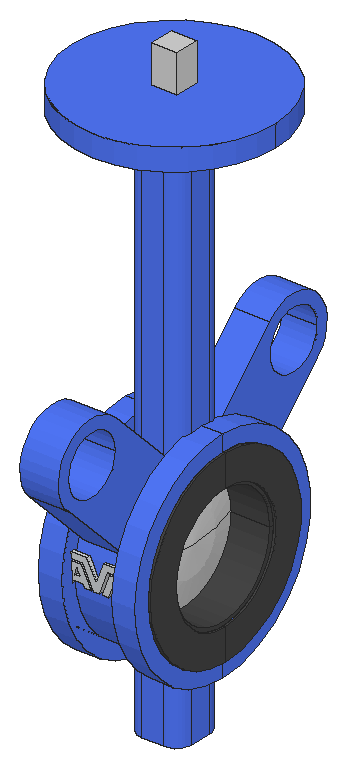
Revit family "820-00-024 DN25-40", category Pipe Accessories, Revit 2022
Family settings
  Round Connector Dimension = Use Diameter
  Part Type = Valve - Breaks Into
  Work Plane-Based = No
  Always vertical = Yes
  Cut with Voids When Loaded = No
  Shared = No
Parameters (values of type "DN40_PN10/16")
  fillet = 2 * Body_wallthickness  # 20 mm
  disk = LUG_T * 0.7  # 8.68 mm
  W2_ref = size_lookup(Search_table, "W2", 0 mm, DN)  # 130 mm
  URL product pages = "https://www.avkvalves.com/P.aspx?no=820002500521L0160002"
  Search_table = "820-00-024 DN25-40"
  PCD = size_lookup(Search_table, "PCD", 0 mm, DN) / 2  # 55 mm
  Lug_D = (Hole_dia / 2) * 1.4  # 13.3 mm
  L_ref_3 = L_ref / 1.2  # 14.167 mm
  L_ref_2 = L_ref * 2  # 34 mm
  L_ref = [L-2] - (Flange_thickness * 2)  # 17 mm
  LUG_T = [L-2] * 0.4  # 12.4 mm
  L2 = size_lookup(Search_table, "L2", 0 mm, DN) / 2  # 54 mm
  L-2 = size_lookup(Search_table, "L", 0 mm, DN) - 2 mm  # 31 mm
  L = size_lookup(Search_table, "L", 0 mm, DN)  # 33 mm
  ID = DN / 2  # 20 mm
  Hole_dia = size_lookup(Search_table, "Hole_dia", 0 mm, DN)  # 19 mm
  H2 = size_lookup(Search_table, "H2", 0 mm, DN)  # 55 mm
  Flange_thickness = size_lookup(Search_table, "Flange_Thickness", 0 mm, DN)  # 7 mm
  FL_T = Body_wallthickness / 2  # 5 mm
  FL_R = Body_wallthickness + Bore  # 30 mm
  F2 = size_lookup(Search_table, "F2", 0 mm, DN)  # 12 mm
  F = size_lookup(Search_table, "F", 0 mm, DN)  # 8 mm
  EPDM_R = Bore + Body_wallthickness  # 30 mm
  EPDM = ID - 1 mm  # 19 mm
  Description_ = "AVK CENTRIC BUTTERFLY VALVE WAFER TYPE, PN10/16"
  Default Elevation = 0 mm
  DN = 40 mm
  Bore = DN / 2  # 20 mm
  Body_wallthickness = 10 mm  # constant formula
  DN40_PN10/16 = "820-0040-00-521L0160002"
  DN32_PN10/16 = "820-0032-00-521L0160002"
  DN25_PN10/16 = "820-0025-00-521L0160002"
  Actuator_Dia = size_lookup(Search_table, "Actuator_Dia", 0 mm, DN)  # 65 mm
  90 = 90 mm  # constant formula
  1 = 1 mm  # constant formula
Types (4, lengths in mm): name | disk | W2_ref | PCD | Lug_D | L_ref_3 | L_ref_2 | L_ref | LUG_T | L2 | L-2 | L | ID | Hole_dia | H2 | Flange_thickness | FL_R | EPDM_R | EPDM | DN | Bore
  (no name) | 8.68 | 130 | 55 | 13.3 | 14.167 | 34 | 17 | 12.4 | 54 | 31 | 33 | 20 | 19 | 55 | 7 | 30 | 30 | 19 | 40 | 20
  DN25_PN10/16 | 7.84 | 110 | 42.5 | 9.8 | 13.333 | 32 | 16 | 11.2 | 50.5 | 28 | 30 | 12.5 | 14 | 51 | 6 | 22.5 | 22.5 | 11.5 | 25 | 12.5
  DN32_PN10/16 | 7.84 | 110 | 50 | 13.3 | 13.333 | 32 | 16 | 11.2 | 50.5 | 28 | 30 | 16 | 19 | 51 | 6 | 26 | 26 | 15 | 32 | 16
  DN40_PN10/16 | 8.68 | 130 | 55 | 13.3 | 14.167 | 34 | 17 | 12.4 | 54 | 31 | 33 | 20 | 19 | 55 | 7 | 30 | 30 | 19 | 40 | 20
Reference planes
  plane 1 "Center (Front/Back)": y = 0
  plane 2: z = 0
  plane 3 "Center (Left/Right)": x = 0
  plane 4: z = 130
  plane 5: z = -55
  plane 6: y = 8.5
  plane 7: x = -8.5
  plane 8: y = -8.5
  plane 9: x = 8.5
  plane 10: x = -3.5
  plane 11: x = 3.5
  plane 12: y = -3.5
  plane 13: y = -3.5
  plane 14: x = -3.5
  plane 15: x = 3.5
  plane 16: y = 3.5
  plane 17: y = 3.5
  plane 18: z = 142
  plane 19: z = 20
  plane 20: z = -20
  plane 21: y = -54
  plane 22: y = 54
  plane 23: x = -15.5
  plane 24: x = 15.5
  plane 25: x = -6.2
  plane 26: x = 6.2
  plane 27: x = -6.2
  plane 28: x = 6.2
  plane 29: through (0, 0, 0) normal (0, 0.7071, 0.7071)
  plane 30: through (0, 0, 0) normal (0, 0.7071, -0.7071)
  plane 31: x = -6.2
  plane 32: x = 6.2
  plane 33: x = 4
  plane 34: x = -4
  plane 35: y = 32.5
  plane 36: y = -32.5
  plane 37: x = -15.5
  plane 38: x = 15.5
  plane 39: x = -32.5
  plane 40: x = 32.5
  plane 41: x = -16.5
  plane 42: x = 16.5
  plane 43: z = 30
Forms (mm)
  Revolve 1, solid, material "Plastic"
    sketch origin (0, 0, 0) x (1, 0, 0) y (0, 1, 0)
      loop
        line (-15.5, 30) -> (-15.5, 20) -> (15.5, 20) -> (15.5, 30) -> (-15.5, 30)
      axis (-15.5, 0) -> (15.5, 0)
    angle from 0 to 360
  Extrusion 2, solid, material "Plastic"
    sketch origin (0, 0, 0) x (1, 0, 0) y (0, 1, 0)
      loop
        arc (-3.5, 8.5) -> (-7.036, 7.036) -> (-8.5, 3.5) r 5
        line (-8.5, 3.5) -> (-8.5, -3.5)
        arc (-8.5, -3.5) -> (-7.036, -7.036) -> (-3.5, -8.5) r 5
        line (-3.5, -8.5) -> (3.5, -8.5)
        arc (3.5, -8.5) -> (7.036, -7.036) -> (8.5, -3.5) r 5
        line (8.5, -3.5) -> (8.5, 3.5)
        arc (8.5, 3.5) -> (7.036, 7.036) -> (3.5, 8.5) r 5
        line (3.5, 8.5) -> (-3.5, 8.5)
    from -55 to 123
  Extrusion 3, solid, material "Plastic"
    sketch origin (0, 0, 0) x (1, 0, 0) y (0, 1, 0)
      loop
        circle (0, 0) r 32.5
    from 123 to 130
  Extrusion 4, solid, material "Stainless Steel AISI 304"
    sketch origin (0, 0, 0) x (1, 0, 0) y (0, 1, 0)
      loop
        line (-4, 4) -> (-4, -4) -> (4, -4) -> (4, 4) -> (-4, 4)
    from 130 to 142
  Revolve 5, void
    sketch origin (0, 0, 0) x (1, 0, 0) y (0, 1, 0)
      loop
        line (-15.5, 20) -> (-15.5, 0) -> (15.5, 0) -> (15.5, 20) -> (-15.5, 20)
      axis (-15.5, 0) -> (15.5, 0)
    angle from 0 to 360
  Revolve 6, solid, material "Stainless Steel AISI 304"
    sketch origin (0, 0, 0) x (1, 0, 0) y (0, 1, 0)
      loop
        line (-6.2, 0) -> (6.2, 0)
        arc (6.2, 0) -> (5.273, 10.173) -> (2.48, 20) r 55.005
        line (2.48, 20) -> (-2.48, 20)
        arc (-2.48, 20) -> (-5.273, 10.173) -> (-6.2, 0) r 55.005
      axis (-6.2, 0) -> (6.2, 0)
    angle from 0 to 360
  Revolve 7, solid, material "Default Wall"
    sketch origin (0, 0, 0) x (1, 0, 0) y (0, 1, 0)
      loop
        line (-15.5, 20) -> (-15.5, 19) -> (15.5, 19) -> (15.5, 20) -> (-15.5, 20)
      axis (15.5, 0) -> (-15.5, 0)
    angle from 0 to 360
  Extrusion 8, solid, material "Plastic"
    sketch origin (0, 0, 0) x (0, 1, 0) y (0, 0, 1)
      loop
        arc (-19.966, 1.157) -> (-14.142, 14.142) -> (-1.157, 19.966) r 20
        line (-1.157, 19.966) -> (-31.295, 50.105)
        arc (-31.295, 50.105) -> (-50.105, 50.105) -> (-50.105, 31.295) r 13.3
        line (-50.105, 31.295) -> (-19.966, 1.157)
      loop
        circle (-40.7, 40.7) r 9.5
    from -6.2 to 6.2
  Revolve 9, solid, material "Default Wall"
    sketch origin (0, 0, 0) x (1, 0, 0) y (0, 0, 1)
      loop
        line (-15.5, 30) -> (-16.5, 30) -> (-16.5, 20) -> (-15.5, 20) -> (-15.5, 30)
      loop
        line (15.5, 30) -> (15.5, 20) -> (16.5, 20) -> (16.5, 30) -> (15.5, 30)
      axis (-16.5, 0) -> (16.5, 0)
    angle from 0 to 360
  Extrusion 10, solid, material "Plastic"
    sketch origin (0, 0, 0) x (0, -1, 0) y (0, 0, -1)
      loop
        line (-19.966, -1.157) -> (-50.105, -31.295)
        arc (-50.105, -31.295) -> (-50.105, -50.105) -> (-31.295, -50.105) r 13.3
        line (-31.295, -50.105) -> (-1.157, -19.966)
        arc (-1.157, -19.966) -> (-14.142, -14.142) -> (-19.966, -1.157) r 20
      loop
        circle (-40.7, -40.7) r 9.5
    from -5.6 to 5.6
  Revolve 11, solid, material "Plastic"
    sketch origin (0, 0, 0) x (1, 0, 0) y (0, 0, 1)
      loop
        line (-15.5, 35) -> (-15.5, 30) -> (-8, 30) -> (-8, 35) -> (-15.5, 35)
      loop
        line (15.5, 30) -> (15.5, 35) -> (8, 35) -> (8, 30) -> (15.5, 30)
      axis (-15.5, 0) -> (15.5, 0)
    angle from 0 to 360
Cuts and joins
  Revolve 5 cuts Revolve 1
  Revolve 5 cuts Extrusion 2
Dimensions and locks
  equal spacing: Revolve 1 sketch curve, plane 3 "Center (Left/Right)", Revolve 1 sketch curve
  "ID": plane 1 "Center (Front/Back)" to Revolve 1 sketch curve
  "Body_wallthickness": Revolve 1 sketch curve to Revolve 1 sketch curve
  "W2_ref": plane 4 to level
  "H2": level to plane 5
  locked: plane 7 to plane 10 at 5
  locked: plane 11 to plane 9 at 5
  locked: plane 6 to plane 16 at 5
  locked: plane 12 to plane 8 at 5
  locked: plane 15 to plane 9 at 5
  locked: plane 7 to plane 14 at 5
  locked: plane 13 to plane 8 at 5
  locked: plane 17 to plane 6 at 5
  equal spacing: plane 7, plane 3 "Center (Left/Right)", plane 9
  "L_ref": plane 7 to plane 9
  equal spacing: plane 6, plane 1 "Center (Front/Back)", plane 8
  "L_ref": plane 6 to plane 8
  "Flange_thickness": plane 4 to Extrusion 3
  "F2": plane 18 to plane 4
  equal spacing: plane 19, level, plane 20
  "ID": plane 19 to level
  "L2": plane 1 "Center (Front/Back)" to plane 21
  equal spacing: plane 22, plane 1 "Center (Front/Back)", plane 21
  plane 18 to plane 4 = 12 mm
  equal spacing: Extrusion 4 sketch curve, plane 3 "Center (Left/Right)", Extrusion 4 sketch curve
  equal spacing: Extrusion 4 sketch curve, plane 1 "Center (Front/Back)", Extrusion 4 sketch curve
  "F": Extrusion 4 sketch curve to Extrusion 4 sketch curve  (x2)
  equal spacing: plane 24, plane 3 "Center (Left/Right)", plane 23
  "L-2": plane 24 to plane 23
  equal spacing: Revolve 5 sketch curve, plane 3 "Center (Left/Right)", Revolve 5 sketch curve
  "L-2": Revolve 5 sketch curve to Revolve 5 sketch curve
  "ID": plane 1 "Center (Front/Back)" to Revolve 5 sketch curve
  "L-2": Revolve 1 sketch curve to Revolve 1 sketch curve
  "Flange_thickness": plane 4 to cut or joined group of Extrusion 2, Revolve 5
  equal spacing: plane 23, Extrusion 3 sketch curve, plane 24
  equal spacing: plane 21, Extrusion 3 sketch curve, plane 22
  equal spacing: plane 26, plane 3 "Center (Left/Right)", plane 25
  "LUG_T": plane 26 to plane 25
  equal spacing: Revolve 7 sketch curve, plane 3 "Center (Left/Right)", Revolve 7 sketch curve
  "EPDM": plane 1 "Center (Front/Back)" to Revolve 7 sketch curve
  "ID": plane 1 "Center (Front/Back)" to Revolve 7 sketch curve
  "ID": plane 1 "Center (Front/Back)" to Revolve 6 sketch curve
  equal spacing: plane 24, nested 1, plane 23
  equal spacing: Revolve 6 sketch curve, plane 3 "Center (Left/Right)", Revolve 6 sketch curve  (x2)
  equal spacing: plane 27, plane 3 "Center (Left/Right)", plane 28
  "LUG_T": plane 27 to plane 28
  "LUG_T": plane 27 to Revolve 6 sketch curve
  "disk": Revolve 6 sketch curve to plane 28
  equal spacing: Extrusion 8 sketch curve, plane 29, Extrusion 8 sketch curve  (x2)
  "Lug_D": Extrusion 8 sketch curve to plane 29
  equal spacing: plane 32, plane 3 "Center (Left/Right)", plane 31
  "LUG_T": plane 32 to plane 31
  "L2": plane 1 "Center (Front/Back)" to Extrusion 8 sketch curve
  plane 22 to plane 21 = 108 mm
  plane 24 to plane 23 = 31 mm
  equal spacing: plane 33, plane 3 "Center (Left/Right)", plane 34
  "F": plane 34 to plane 33
  equal spacing: plane 35, plane 1 "Center (Front/Back)", plane 36
  "Actuator_Dia": plane 35 to plane 36
  "Bore": Revolve 9 sketch curve to level
  equal spacing: plane 38, plane 3 "Center (Left/Right)", plane 37
  "L-2": plane 38 to plane 37
  "1": plane 37 to Revolve 9 sketch curve
  "EPDM_R": Revolve 9 sketch curve to level
  equal spacing: Revolve 9 sketch curve, plane 3 "Center (Left/Right)", Revolve 9 sketch curve
  equal spacing: plane 40, plane 3 "Center (Left/Right)", plane 39
  "Actuator_Dia": plane 39 to plane 40
  equal spacing: plane 42, plane 3 "Center (Left/Right)", plane 41
  "L": plane 42 to plane 41
  equal spacing: Extrusion 10 sketch curve, plane 30, Extrusion 10 sketch curve
  "Lug_D": plane 30 to Extrusion 10 sketch curve
  "L2": Extrusion 10 sketch curve to plane 1 "Center (Front/Back)"
  equal spacing: Revolve 11 sketch curve, plane 3 "Center (Left/Right)", Revolve 11 sketch curve  (x2)
  "FL_R": Revolve 11 sketch curve to level
  "FL_R": plane 43 to level
  "FL_T": Revolve 11 sketch curve to plane 43
  "F": plane 3 "Center (Left/Right)" to Revolve 11 sketch curve
  "Actuator_Dia": diameter of Extrusion 3 sketch curve
  "Bore": radius of Extrusion 8 sketch curve
  "Hole_dia": diameter of Extrusion 8 sketch curve
  "Bore": radius of Extrusion 10 sketch curve
  "Hole_dia": diameter of Extrusion 10 sketch curve
  angle level to plane 29 = 45.00°
  angle plane 30 to level = 45.00°
  aligned and locked: level to plane 2
  aligned and locked: plane 1 "Center (Front/Back)" to Revolve 1 sketch curve
  aligned and locked: plane 11 to Extrusion 2 sketch curve
  aligned and locked: plane 6 to Extrusion 2 sketch curve  (x2)
  aligned and locked: plane 16 to Extrusion 2 sketch curve
  aligned and locked: plane 9 to Extrusion 2 sketch curve  (x2)
  aligned and locked: plane 12 to Extrusion 2 sketch curve
  aligned and locked: plane 8 to Extrusion 2 sketch curve  (x2)
  aligned and locked: plane 15 to Extrusion 2 sketch curve
  aligned and locked: plane 14 to Extrusion 2 sketch curve
  aligned and locked: plane 7 to Extrusion 2 sketch curve  (x2)
  aligned and locked: plane 13 to Extrusion 2 sketch curve
  aligned and locked: plane 17 to Extrusion 2 sketch curve
  aligned and locked: plane 10 to Extrusion 2 sketch curve
  aligned and locked: Extrusion 2 to plane 5
  aligned and locked: Extrusion 3 to plane 4
  aligned and locked: plane 18 to Extrusion 4
  aligned and locked: plane 4 to Extrusion 4
  aligned and locked: Revolve 5 sketch curve to plane 1 "Center (Front/Back)"
  aligned and locked: plane 1 "Center (Front/Back)" to Revolve 5 sketch curve
  aligned and locked: Revolve 6 sketch curve to plane 1 "Center (Front/Back)"
  aligned and locked: plane 23 to Revolve 7 sketch curve
  aligned and locked: Revolve 7 sketch curve to plane 1 "Center (Front/Back)"
  aligned and locked: Extrusion 8 to plane 31
  aligned and locked: Extrusion 8 to plane 32
  aligned and locked: Revolve 9 sketch curve to plane 37
  aligned and locked: Revolve 9 sketch curve to plane 38
  aligned and locked: plane 19 to Revolve 9 sketch curve
  aligned and locked: Revolve 9 sketch curve to Revolve 9 sketch curve
  aligned and locked: Revolve 9 sketch curve to level
  aligned and locked: Revolve 11 sketch curve to level
  aligned and locked: Revolve 11 sketch curve to Revolve 11 sketch curve  (x2)
  aligned and locked: Revolve 11 sketch curve to plane 23
Automatic sketch dimensions
  Revolve 1 sketch curve to plane 23 = 0 mm
  Revolve 1 sketch curve to plane 24 = 0 mm
  Revolve 5 sketch curve to plane 39 = 40.113 mm
  Revolve 5 sketch curve to plane 40 = 46.639 mm
  plane 1 "Center (Front/Back)" to Revolve 6 sketch curve = 0 mm
  Revolve 6 sketch curve to plane 1 "Center (Front/Back)" = 0.115 mm  (x2)
  Revolve 6 sketch curve to Revolve 6 sketch curve = 0.465 mm
  Revolve 6 sketch curve to Revolve 6 sketch curve = 0.194 mm
  Revolve 7 sketch curve to plane 40 = 18.036 mm
  Revolve 7 sketch curve to Revolve 7 sketch curve = 12.301 mm
  Extrusion 8 sketch curve to Extrusion 8 sketch curve = 0 mm  (x3)
  Extrusion 8 sketch curve to level = 0 mm
  Extrusion 8 sketch curve to plane 1 "Center (Front/Back)" = 0 mm
  Revolve 9 sketch curve to plane 39 = 14.325 mm
  Revolve 9 sketch curve to plane 40 = 30.809 mm
  Extrusion 10 sketch curve to Extrusion 10 sketch curve = 0 mm  (x3)
  Extrusion 10 sketch curve to level = 0 mm
  Extrusion 10 sketch curve to plane 1 "Center (Front/Back)" = 0 mm
  Revolve 11 sketch curve to plane 41 = 7.263 mm
  plane 40 to Revolve 11 sketch curve = 2.784 mm
Nested families
  nested 1: "Latest New 3" at (0, -29.916, -2.249) x (1, 0, 0) z (0, -0.9972, -0.075), type "Latest New 3"
Connectors
  piping at (15.5, 0, 0), diameter 40, driven by "DN"
    settings: on Revolve 1, index 1, connector inside diameter 609.6 mm, connector length 0 mm, flow factor 0, pipe flow 0.0 L/s, pressure drop 0.0 Pa, fitting loss kfactor 0, connector angle 0.00°, fixture units 0, engagement length 0 mm, angle of deflection 0.00°, flow configuration 0, flow direction 0, fitting loss method 0, system type 7, joint type 0, gender type 0, connector reference index -1, connector utility 0, adjustable connector no, is connector primary yes, connector description ""
  piping at (-15.5, 0, 0), diameter 40, driven by "DN"
    settings: on cut or joined group of Revolve 1, Revolve 5, index 2, connector inside diameter 609.6 mm, connector length 0 mm, flow factor 0, pipe flow 0.0 L/s, pressure drop 0.0 Pa, fitting loss kfactor 0, connector angle 0.00°, fixture units 0, engagement length 0 mm, angle of deflection 0.00°, flow configuration 0, flow direction 0, fitting loss method 0, system type 7, joint type 0, gender type 0, connector reference index -1, connector utility 0, adjustable connector no, is connector primary no, connector description ""
Definition of nested family "Latest New 3"
  Parameters
    Default Elevation = 1219.2 mm
  Reference planes
    plane 1 "Center (Front/Back)": y = 0
    plane 2: z = 0
    plane 3 "Center (Left/Right)": x = 0
  Forms (mm)
    Extrusion 1, solid
      sketch origin (0, 0, 0) x (1, 0, 0) y (0, 1, 0)
        loop
          line (-1219.2, 1219.2) -> (-1219.2, -1219.2) -> (1219.2, -1219.2) -> (1219.2, 1219.2) -> (-1219.2, 1219.2)
      from 0 to -304.8
    Extrusion 2, solid
      sketch origin (0, 0, 0) x (1, 0, 0) y (0, 1, 0)
        loop
          line (-2.683, 9.413) -> (-9.884, 9.413) -> (-9.884, 7.46) -> (-4.022, 7.46) -> (-0.985, 0) -> (0.985, 0) -> (4.022, 7.46) -> (9.884, 7.46) -> (9.884, 9.413) -> (2.683, 9.413) -> (0, 2.824) -> (-2.683, 9.413)
        loop
          line (-4.528, 6.707) -> (-9.884, 6.707) -> (-9.884, 4.824) -> (-8.032, 4.824) -> (-9.884, 0) -> (-7.792, 0) -> (-7.394, 1.035) -> (-4.328, 1.035) -> (-3.907, 0) -> (-1.798, 0) -> (-4.528, 6.707)
        loop
          line (-6.91, 2.824) -> (-5.056, 2.824) -> (-6.01, 5.167) -> (-6.91, 2.824)
        loop
          line (1.798, 0) -> (3.907, 0) -> (4.98, 2.637) -> (6.968, 0) -> (9.413, 0) -> (7.166, 2.983)
          arc (7.166, 2.983) -> (8.216, 3.774) -> (9.007, 4.824) r 4.724
          line (9.007, 4.824) -> (9.884, 4.824) -> (9.884, 6.707) -> (8.001, 6.707)
          arc (8.001, 6.707) -> (7.315, 5.008) -> (5.642, 4.261) r 2.448
          line (5.642, 4.261) -> (6.637, 6.707) -> (4.528, 6.707) -> (1.798, 0)
      from 0 to 1
  Dimensions and locks
    aligned and locked: plane 2 to Extrusion 1
    aligned and locked: level to Extrusion 1
    aligned and locked: Extrusion 2 sketch curve to import instance  (x30)
